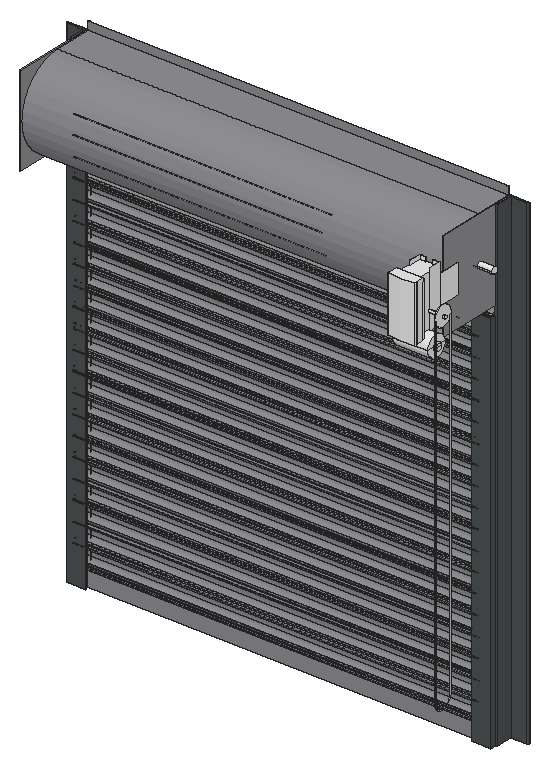
Revit family "EverGuard-Fire-Rated-Shelter-Door_OHD_Model-610FR_compact", category Specialty Equipment, host Wall, Revit 2023
Family settings
  Host = Wall
  Round Connector Dimension = Use Diameter
  Part Type = Normal
  OmniClass Number = 23.30.10.21.34
  OmniClass Title = Industrial Doors
  Enable Cutting in Views = No
  Always vertical = Yes
  Cut with Voids When Loaded = Yes
  Maintain Annotation Orientation = No
  Shared = No
  Room Calculation Point = No
Parameters (values of type "115 volts, one phase, 60 Hz (110-120V range)")
  Warning Sign [instance] = if(Calculated Area > 683.00 SF, 1 = 1, 1 = 2)  # no
  Warning (Note) [instance] = if(Warning Sign, "The Door Area is out of the limit; please adjust accordingly. The maximum allowed area is 683 sq. ft.", if(Opening Height > 360", "Headroom Clearance Dimensions - out of the limits. Consult Factory", " "))  # " "
  Wall Thickness [instance] = 6"
  Voltage = 115 V
  Version = "1.00.01"  # constant formula
  True Opening Width [instance] = Clear Width  # 120"
  True Opening Height [instance] = Clear Height  # 120"
  Slat Type [instance] = "C-600"  # constant formula
  Slat Material [instance] = Steel - Overhead Door - Gray
  Slat Length [instance] = Clear Width + G Value * 2 - 1" / 2 * 2  # 131"
  Slat Height [instance] = 17 251/256"  # constant formula
  Slat [instance] = 1  # constant formula
  Product Page URL = "https://www.overheaddoor.com/commercial/commercial-details/Rolling-Steel-Shelter-Door-Model-610FR"
  Power Factor = 1
  Powder Coat (Note) = "PowderGuard® Premium powder coat finish options are available in approximately 200 colors as well as custom matching to specification. PowderGuard® Textured finish, a thicker, more scratch resistant coat, is available in 11 colors providing enhanced scratch resistance as well as aiding in hiding the dirt and blemishes that often occur in commercial environments.​"  # constant formula
  Opening Width Real [instance] = if(Opening Width > Max Opening Width, Max Opening Width, if(Opening Width < Min Opening Width, Min Opening Width, Opening Width))  # 120"
  Opening Width [instance] = 120"
  Opening Height Real [instance] = if(Opening Height > Max Opening Height, Max Opening Height, if(Opening Height < Min Opening Height, Min Opening Height, Opening Height))  # 120"
  Opening Height [instance] = 120"
  One Array element [instance] = not(Array Vis)  # no
  Number of Poles = 1
  Motor Type [instance] = if(Motor Option < 2, "RSX Front of Hood", if(Motor Option = 2, "RSX Top of Hood", if(Motor Option = 3, "RSX Wall Mount", "RSX Bench Mount")))  # "RSX Front of Hood"
  Motor Selection (Note) [instance] = "Generic operator shown. Contact Overhead Door when dimensions are critical. "  # constant formula
  Motor Position [instance] = M Value - G Value  # 6"
  Motor Option Real [instance] = if(Motor Option < 1, 1, if(Motor Option > 4, 4, Motor Option))  # 1
  Motor Option [instance] = 1
  Min Opening Width [instance] = 60"  # constant formula
  Min Opening Height [instance] = 60"  # constant formula
  Max Opening Width [instance] = 132"  # constant formula
  Max Opening Height [instance] = 132"  # constant formula
  M Value [instance] = if(Guide Option < 2, 12", 6 1/2")  # 12"
  Lookup BD [instance] = if(True Opening Height = 60", 20", if(or(True Opening Height = 84", True Opening Height < 84"), 22", if(or(True Opening Height = 108", True Opening Height < 108"), 24", if(or(True Opening Height = 132", True Opening Height < 132"), 26", if(or(True Opening Height = 156", True Opening Height < 156"), 28", if(or(True Opening Height = 180", True Opening Height < 180"), 30", 32"))))))  # 26"
  Jambs Offset [instance] = 0"  # constant formula
  Installation Real [instance] = Wall Thickness  # 6"
  Hood Type [instance] = "Round Hood"  # constant formula
  Hood Offset [instance] = 3"  # constant formula
  Hood Material [instance] = Metal - Overhead Door - Gray
  Hood Height [instance] = Headroom Height Real - Hood Offset  # 28"
  Lookup HH [instance] = if(True Opening Height = 60", 22", if(or(True Opening Height = 84", True Opening Height < 84"), 24", if(or(True Opening Height = 108", True Opening Height < 108"), 26", if(or(True Opening Height = 132", True Opening Height < 132"), 28", if(or(True Opening Height = 156", True Opening Height < 156"), 30", if(or(True Opening Height = 180", True Opening Height < 180"), 32", 34"))))))  # 28"
  Headroom Height Real [instance] = Lookup HH + 3"  # 31"
  Headroom Height [instance] = Headroom Height Real + 2 5/8"  # 33 5/8"
  Guide Type [instance] = if(Guide Option < 2, "Angled Z Guide", "Angled E Guide")  # "Angled Z Guide"
  Guide Option [instance] = 1
  Guid Depth [instance] = D Value  # 7 3/4"
  G Value [instance] = 6"  # constant formula
  Frequency = 60 Hz
  Face of Wall Offset [instance] = 5"  # constant formula
  Face Of Wall Mounting [instance] = 1 = 1  # yes
  Door Width True [instance] = Clear Width + M Value * 2  # 144"
  Door Width (Real) [instance] = Clear Width + 1" / 2  # 120 1/2"
  Door Height True [instance] = Clear Width + Headroom Height  # 153 5/8"
  Door Height (Real) [instance] = Clear Height + Hood Offset  # 123"
  URL = "https://www.overheaddoor.com/"
  Product data url = "https://www.bimobject.com/overhead-door/product/everguard-fire-rated-shelter-door-610fr"
  Product Guid = "6be9d1df-6de7-420e-88f2-492e71c4f9a6"
  Model = "610FR"  # constant formula
  Manufacturer = "Overhead Door Corporation"  # constant formula
  Wall Closure = By host
  Floor To (CL) of Shaft [instance] = Clear Height + Hood Height / 2 + Hood Offset  # 137"
  Finish Material = Finish - Overhead Door - Black
  Description = "EverGuard Model 610FR Rolling Steel Storm Shelter Door Tested +/-300PSF (ICC-500/FEMA 361), Tornado +/- 250PSF (ICC-500/FEMA 361), Hurricane+/-200PSF (ICC-500/FEMA 361) Warnock Hersey fire rated to 4 hours UL10B NFPA 252 and CAN/ULC S104"  # constant formula
  Default Elevation = 0"
  Date Updated = "2026/05/29"  # constant formula
  D Value [instance] = 7 3/4"  # constant formula
  Clear Width [instance] = Opening Width Real  # 120"
  Clear Height [instance] = Opening Height Real  # 120"
  Current = 20 A
  Connector Array Distance = 0"  # constant formula
  BimObject_Variable_Connectors = "No"  # constant formula
  Bar [instance] = 1 = 1  # yes
  Backroom Depth [instance] = Lookup BD  # 26"
  BJ Opening Cut [instance] = 0"  # constant formula
  BJ Displacement Real [instance] = 0"  # constant formula
  Array Vis [instance] = if(Array < 2, 1 = 2, 1 = 1)  # yes
  Array Real [instance] = if(Array < 2, 2, Array)  # 7
  Array Length [instance] = (Array) * Slat Height  # 125 221/256"
  Array [instance] = rounddown(([Door Height (Real)] - 5 11/256") / Slat Height) + 1  # 7
  Calculated Area [instance] = [Door Width (Real)] * [Door Height (Real)]  # 102.927 SF
  Apparent Load Phase 3 = if(Number of Poles = 1, 0 VA, (Voltage * Current * sqrt(3)) / 3)  # 0 VA
  Apparent Load Phase 2 = if(Number of Poles = 1, 0 VA, (Voltage * Current * sqrt(3)) / 3)  # 0 VA
  Apparent Load Phase 1 = if(Number of Poles = 1, Voltage * Current, (Voltage * Current * sqrt(3)) / 3)  # 2300 VA
Reference planes (in)
  plane 1 "Center (Front/Back)": y = -14.625
  plane 2 "Center (Left/Right)": x = 0
  plane 3 "Left": x = -60
  plane 4 "Right": x = 60
  plane 5 "Exterior": y = -8.625
  plane 6 "Interior": y = -14.625
  plane 7: x = 72
  plane 8: x = -72
  plane 9: z = 120
  plane 10 "Main": y = -21.73437
  plane 11 "Backroom Depth": y = -32.125
  plane 12 "Main Door Block": y = -6.125
  plane 13 "Bottom Bar": z = 5.04124
  plane 14: y = -22.375
  plane 15: z = 130.90452
  plane 16: z = 151
  plane 17: z = 123
  plane 18: z = 153.625
  plane 19: z = 0
  plane 20: z = 60
  plane 21: y = -20.90625
  plane 22: y = 18.375
  plane 23: y = -41.625
  plane 24 "Headroom Top": z = 153.625
  plane 25: z = 137
  plane 26: x = 66
  plane 27: x = -66
  plane 28: z = 112.92405
Forms (in)
  Extrusion 1, void
    sketch origin (0, -6.125, 0) x (0, 0, -1) y (-1, 0, 0)
      loop
        line (-120, 60) -> (-120, -60) -> (0, -60) -> (0, 60) -> (-120, 60)
    from -8.5 to -2.5
  Extrusion 2, solid, material "Metal - Overhead Door - Gray" <- "Hood Material", visible <- "Bar"
    sketch origin (0, 0, 0) x (0, 1, 0) y (0, 0, 1)
      loop
        line (-14.875, 151) -> (-14.625, 151) -> (-14.625, 153.625) -> (-14.875, 153.625) -> (-14.875, 151)
    from -65.625 to 65.625
Lines and regions (in)
  symbolic lines, visible <- "Bar"
    curve 1: line (65.625, -14.625, 0) -> (-65.625, -14.625, 0)
    curve 2: line (-65.625, -14.875, 0) -> (65.625, -14.875, 0)
Text (in)
  text "Exterior" at (-74.96733, 27.31104, 0), in view "Ref. Level"
  text "Interior" at (-74.96733, -25.14366, 0), in view "Ref. Level"
  text "Exterior" at (0, 40.15149, 123.01588), in view "Right"
  text "Interior" at (0, -64.39139, 123.01588), in view "Right"
  text "Interior" at (0, -31.01599, 123.00693), in view "Left"
  text "Exterior" at (0, 54.57065, 123.00693), in view "Left"
Dimensions and locks (in)
  equal spacing: plane 3 "Left", plane 2 "Center (Left/Right)", plane 4 "Right"
  "Clear Width": plane 3 "Left" to plane 4 "Right"
  level to host wall = 459.59655"
  "Clear Height": level to plane 9
  plane 7 to plane 8 = 144"
  equal spacing: plane 7, plane 2 "Center (Left/Right)", plane 8
  locked: plane 13 "Bottom Bar" to level at 5.04124
  "Door Width True": plane 7 to plane 8
  locked: plane 14 to plane 10 "Main" at 0.64063
  "Array Length": plane 15 to plane 13 "Bottom Bar"
  "Backroom Depth": plane 11 "Backroom Depth" to plane 12 "Main Door Block"
  "Hood Height": plane 16 to plane 17
  locked: plane 18 to plane 16 at 2.625
  locked: Extrusion 2 sketch curve to Extrusion 2 sketch curve at 0.25
  "Installation Real": plane 1 "Center (Front/Back)" to plane 5 "Exterior"
  "Wall Thickness": host wall to host wall
  equal spacing: plane 9, plane 20, plane 19
  locked: plane 10 "Main" to plane 21 at 0.82812
  equal spacing: plane 22, host wall, plane 23
  locked: plane 22 to plane 23 at 60
  "BJ Opening Cut": Extrusion 1 sketch curve to plane 9
  locked: Extrusion 2 sketch curve to Extrusion 2 sketch curve at 2.625
  "Hood Offset": plane 17 to plane 9
  "Headroom Height": plane 24 "Headroom Top" to plane 9
  "Floor To (CL) of Shaft": plane 25 to level
  "Jambs Offset": plane 4 "Right" to Extrusion 1 sketch curve
  "Jambs Offset": Extrusion 1 sketch curve to plane 3 "Left"
  "Motor Position": plane 7 to plane 26
  "Motor Position": plane 27 to plane 8
  locked: plane 27 to Extrusion 2 at 0.375
  locked: Extrusion 2 to plane 26 at 0.375
  "Guid Depth": plane 14 to plane 1 "Center (Front/Back)"
  "Slat Height": plane 15 to plane 28
  equal spacing: group 1, group 3, group 4, group 5, group 6, group 7, group 2  (x3)
  aligned and locked: plane 5 "Exterior" to host wall
  aligned and locked: host wall to plane 6 "Interior"
  aligned and locked: level to Extrusion 1 sketch curve
  aligned and locked: Extrusion 1 to plane 5 "Exterior"
  aligned and locked: plane 6 "Interior" to Extrusion 1
  aligned and locked: nested 1 to plane 2 "Center (Left/Right)"
  aligned and locked: plane 16 to nested 2
  aligned and locked: nested 1 to level
  aligned and locked: Extrusion 2 sketch curve to plane 18
  aligned and locked: Extrusion 2 sketch curve to plane 6 "Interior"
  aligned and locked: curve 1 to Extrusion 2  (x2)
  aligned and locked: curve 2 to Extrusion 2  (x2)
  aligned and locked: Extrusion 2 to curve 2
  aligned and locked: nested 2 to plane 5 "Exterior"
  aligned and locked: level to plane 19
  aligned and locked: nested 1 to plane 1 "Center (Front/Back)"
  aligned and locked: plane 2 "Center (Left/Right)" to nested 3
  aligned and locked: nested 3 to plane 22
  aligned and locked: plane 23 to nested 4
  aligned and locked: nested 4 to plane 2 "Center (Left/Right)"
  aligned and locked: nested 5 to plane 20
  aligned and locked: plane 2 "Center (Left/Right)" to nested 5
  aligned and locked: nested 2 to plane 26
  aligned and locked: plane 13 "Bottom Bar" to nested 6
  aligned and locked: plane 28 to nested 8
  aligned and locked: nested 8 to plane 21
  aligned and locked: plane 21 to nested 6
  aligned and locked: plane 13 "Bottom Bar" to nested 7
  aligned and locked: plane 21 to nested 7
  aligned and locked: nested 5 to plane 21
Automatic sketch dimensions
  curve 1 to curve 2 = 0"
Nested families (in)
  nested 1: "Lifts" at (0, -14.625, 0), type "Frame Unit"
    with Round Hood yes
  nested 2: "Motor" at (63.5005, -48.245, 125), type "Trolley Motor"
    with Top + Bench no, Not Bench + Top yes, Horizontal Mount 7.62", Vertical Mount 26", Motor Option 1, Hood Mount 4 3/4", Top Option Offset 0", Face+Top yes, Face Mount RSX yes, Chain V Offset 8.4", Chain H Offset 1.1", Bench Mount RSX no, Angle 180.00°
  nested 3: "Label Annotation 1" at (0, 18.375, 0), visible <- "Warning Sign", type "Label Annotation 1"
  nested 4: "Label Annotation 1" at (0, -41.625, 0) x (-1, 0, 0) z (0, 0, 1), visible <- "Warning Sign", type "Label Annotation 1"
  nested 5: "Warning Sign" at (0, -20.90625, 60), visible <- "Warning Sign", type "Warning Sign"
    with Warning Sign no
  nested 6: "610F" at (0, -20.90625, 5.04124), Opening Width <- "Slat Length", visible <- "Array Vis", type "Standard - Gray"
    with Slat Width 1.438", Slat Position 17.979", Opening Width 131"
  nested 7: "610F" at (0, -20.90625, 5.04124), visible <- "One Array element", Opening Width <- "Slat Length", type "Standard - Gray"
    with Slat Width 1.438", Slat Position 17.979", Opening Width 131"
  nested 8: "610F" at (0, -20.90625, 112.92405), Opening Width <- "Slat Length", visible <- "Array Vis", type "Standard - Gray"
    with Slat Width 1.438", Slat Position 17.979", Opening Width 131"
  nested 9: "610F" at (0, -20.90625, 23.02171), Opening Width <- "Slat Length", visible <- "Array Vis", type "Standard - Gray"
    with Slat Width 1.438", Slat Position 17.979", Opening Width 131"
  nested 10: "610F" at (0, -20.90625, 41.00218), Opening Width <- "Slat Length", visible <- "Array Vis", type "Standard - Gray"
    with Slat Width 1.438", Slat Position 17.979", Opening Width 131"
  nested 11: "610F" at (0, -20.90625, 58.98265), Opening Width <- "Slat Length", visible <- "Array Vis", type "Standard - Gray"
    with Slat Width 1.438", Slat Position 17.979", Opening Width 131"
  nested 12: "610F" at (0, -20.90625, 76.96311), Opening Width <- "Slat Length", visible <- "Array Vis", type "Standard - Gray"
    with Slat Width 1.438", Slat Position 17.979", Opening Width 131"
  nested 13: "610F" at (0, -20.90625, 94.94358), Opening Width <- "Slat Length", visible <- "Array Vis", type "Standard - Gray"
    with Slat Width 1.438", Slat Position 17.979", Opening Width 131"
Connectors (in)
  electrical at (66.4885, -46.74464, 135.37875), driven by "Apparent Load Phase 1", driven by "Power Factor", driven by "Voltage", driven by "Apparent Load Phase 2", driven by "Apparent Load Phase 3", driven by "Number of Poles"
    settings: on nested 2, index 1, voltage 115 V, apparent load 0 VA, apparent load phase1 2300 VA, apparent load phase2 0 VA, apparent load phase3 0 VA, power factor 1, load classification "Other", number of poles 1, system type 31, power factor state 1, is connector primary yes, connector utility no, sub classification motor no, connector description "Electrical Connector"
Definition of nested family "Lifts"
  Parameters (values of type "Frame Unit")
    Void Height = if(Guide Option < 2, 0", Headroom Height Real)  # 0"
    True Width = Opening Width + 1/2"  # 120 1/2"
    Rounding 2 = Guide Thickness 2 - 0.031"  # 0.469"
    Rounding 1 = Guide Thickness 1 - 0.031"  # 0.344"
    Round Hood [instance] = 1 = 1  # yes
    Rough Width = 0"
    Rough Height = 0"
    Main Bracket Profile Height = 5" + 1 3/4"  # 6 3/4"
    M Value = 12"
    Inner Profile Height = 4"  # constant formula
    Hood Offset = 3"
    Hood Height = Headroom Height Real - Hood Offset  # 28"
    Headroom Height Real = Headroom Height  # 31"
    Half Hood Height = Headroom Height - Hood Offset  # 28"
    Guide Thickness 2 = 1/2"  # constant formula
    Guide Thickness 1 = 3/8"  # constant formula
    G Value = 6"
    E Guide Width = if(Guide Option < 2, 6", 6")  # 6"
    E Guide Height = 6"  # constant formula
    Z Guide = if(Guide Option < 2, 1 = 1, 1 = 2)  # yes
    Slat Material = none
    Shaft Offset = (Header Width - (Header Width - Hood Height)) / 2  # 14"
    Shaft Material = none
    Shaft Length 2 = G Value + 4 3/4"  # 10 3/4"
    Shaft Length 1 = G Value + 4 3/4"  # 10 3/4"
    Setback = 1/4"  # constant formula
    Radius Hood = Shaft Offset  # 14"
    Opening Width = 120"
    Hood Material = none
    Headroom Height = 31"
    Header Width = 26"
    Opening Height = 120"
    Guide Type = if(Guide Option = 1, "Angled Z Guide", "Angled E Guide")  # "Angled Z Guide"
    Guide Option = 1
    Guide Offset = BJ Displacement + G Value  # 6"
    Guide Z Wide = if(Guide Option < 2, M Value - G Value, 6")  # 6"
    Guide Z Height = 6"  # constant formula
    Floor To (CL) of Shaft = 137"
    Finish Material = none
    Face to Wall Mount = not(Between Jambs)  # yes
    E Guide = not(Z Guide)  # no
    Default Elevation = 0"
    D Value = 7 3/4"
    Between Jambs = 1 = 2  # no
    BJ Position = 0"  # constant formula
    BJ Displacement = if(Guide Option < 2, 0", Guide Thickness 2)  # 0"
    BJ Connection Length = 1 / 3 * BJ Displacement  # 0"
    Angled Guide = 1 = 1  # yes
  Reference planes (in)
    plane 1 "Center (Front/Back)": y = 0
    plane 2: z = 0
    plane 3 "Center (Left/Right)": x = 0
    plane 4 "Opening Height": z = 120
    plane 5: x = -70.75
    plane 6: x = 70.75
    plane 7: z = 151
    plane 8: y = 26
    plane 9 "Real Opening 2": x = -60
    plane 10 "Real Opening 1": x = 60
    plane 11: z = 123
    plane 12 "Main": y = 0
    plane 13: z = 137
    plane 14: y = 12
    plane 15: x = 66
    plane 16: x = -66
    plane 17: x = -66
    plane 18: x = 66
    plane 19: y = 7.75
    plane 20: x = -65.625
    plane 21: x = 65.625
    plane 22: z = 153.625
    plane 23: y = 7.75
    plane 24: y = 5.75
    plane 25: y = 7.75
    plane 26: y = 5.75
  Forms (in)
    Extrusion 1, solid, material <- "Slat Material"
      sketch origin (0, 0, 0) x (0, 1, 0) y (0, 0, 1)
        loop
          line (6.25, 4.72874) -> (6.25, 5.35374) -> (5.25, 5.35374) -> (5.25, 4.72874) -> (6.25, 4.72874)
      from -65.625 to 65.625
    Extrusion 2, solid, material <- "Slat Material"
      sketch origin (0, 0, 0) x (0, 1, 0) y (0, 0, 1)
        loop
          line (6.25, 4.72874) -> (5.25, 4.72874) -> (5.25, 0) -> (6.25, 0) -> (6.25, 4.72874)
      from -65.625 to 65.625
    Extrusion 3, solid, material <- "Shaft Material"
      sketch origin (0, -5.35201, 0) x (0, 1, 0) y (0, 0, 1)
        loop
          circle (17.35201, 137) r 1
      from -70.75 to 70.75
    Extrusion 4, solid, material <- "Hood Material", visible <- "Round Hood"
      sketch origin (0, 0, 0) x (0, 1, 0) y (0, 0, 1)
        loop
          line (0, 151) -> (0, 123) -> (12, 123)
          arc (12, 123) -> (26, 137) -> (12, 151) r 14
          line (12, 151) -> (0, 151)
      from -65.625 to 65.625
    Extrusion 5, solid, material <- "Finish Material", visible <- "E Guide"
      sketch origin (0, 0, 0) x (1, 0, 0) y (0, 1, 0)
        loop
          line (60, 0) -> (66, 0) -> (66, 6) -> (65.969, 6)
          arc (65.969, 6) -> (65.63737, 5.86263) -> (65.5, 5.531) r 0.469
          line (65.5, 5.531) -> (65.5, 0.5) -> (60.469, 0.5)
          arc (60.469, 0.5) -> (60.13737, 0.36263) -> (60, 0.031) r 0.469
          line (60, 0.031) -> (60, 0)
        loop
          line (-60, 0) -> (-60, 0.031)
          arc (-60, 0.031) -> (-60.13737, 0.36263) -> (-60.469, 0.5) r 0.469
          line (-60.469, 0.5) -> (-65.5, 0.5) -> (-65.5, 5.531)
          arc (-65.5, 5.531) -> (-65.63737, 5.86263) -> (-65.969, 6) r 0.469
          line (-65.969, 6) -> (-66, 6) -> (-66, 0) -> (-60, 0)
      from 0 to 151
    Extrusion 6, solid, material <- "Finish Material", visible <- "Z Guide"
      sketch origin (0, 0, 0) x (1, 0, 0) y (0, 1, 0)
        loop
          line (72, 0) -> (72, 0.031)
          arc (72, 0.031) -> (71.86263, 0.36263) -> (71.531, 0.5) r 0.469
          line (71.531, 0.5) -> (66.5, 0.5) -> (66.5, 5.531)
          arc (66.5, 5.531) -> (66.36263, 5.86263) -> (66.031, 6) r 0.469
          line (66.031, 6) -> (66, 6) -> (66, 0) -> (72, 0)
        loop
          line (-72, 0) -> (-66, 0) -> (-66, 6) -> (-66.031, 6)
          arc (-66.031, 6) -> (-66.36263, 5.86263) -> (-66.5, 5.531) r 0.469
          line (-66.5, 5.531) -> (-66.5, 0.5) -> (-71.531, 0.5)
          arc (-71.531, 0.5) -> (-71.86263, 0.36263) -> (-72, 0.031) r 0.469
          line (-72, 0.031) -> (-72, 0)
      from 0 to 151
    Extrusion 7, solid, material <- "Finish Material", visible <- "Angled Guide"
      sketch origin (0, 0, 0) x (1, 0, 0) y (0, 1, 0)
        loop
          line (60.25, 7.75) -> (60.25, 7.719)
          arc (60.25, 7.719) -> (60.35076, 7.47576) -> (60.594, 7.375) r 0.344
          line (60.594, 7.375) -> (60.75, 7.375) -> (60.75, 6.625) -> (62.25, 6.625) -> (62.25, 7.375) -> (65.625, 7.375) -> (65.625, 4.125) -> (62.75, 4.125) -> (62.75, 4.875) -> (60.75, 4.875) -> (60.75, 4.094)
          arc (60.75, 4.094) -> (60.85076, 3.85076) -> (61.094, 3.75) r 0.344
          line (61.094, 3.75) -> (65.25, 3.75) -> (65.25, 1) -> (66, 1) -> (66, 7.75) -> (60.25, 7.75)
        loop
          line (-60.25, 7.75) -> (-66, 7.75) -> (-66, 1) -> (-65.25, 1) -> (-65.25, 3.75) -> (-61.094, 3.75)
          arc (-61.094, 3.75) -> (-60.85076, 3.85076) -> (-60.75, 4.094) r 0.344
          line (-60.75, 4.094) -> (-60.75, 4.875) -> (-62.75, 4.875) -> (-62.75, 4.125) -> (-65.625, 4.125) -> (-65.625, 7.375) -> (-62.25, 7.375) -> (-62.25, 6.625) -> (-60.75, 6.625) -> (-60.75, 7.375) -> (-60.594, 7.375)
          arc (-60.594, 7.375) -> (-60.35076, 7.47576) -> (-60.25, 7.719) r 0.344
          line (-60.25, 7.719) -> (-60.25, 7.75)
      from 0 to 120
    Extrusion 8, solid, material <- "Hood Material"
      sketch origin (0, 0, 0) x (-1, 0, 0) y (0, 0, 1)
        loop
          line (65.625, 123) -> (66, 123) -> (66, 151) -> (65.625, 151) -> (65.625, 123)
        loop
          line (-66, 123) -> (-65.625, 123) -> (-65.625, 151) -> (-66, 151) -> (-66, 123)
      from 0 to 26
    Extrusion 9, void
      sketch origin (0, -63.05955, 151) x (1, 0, 0) y (0, -1, 0)
        loop
          line (-66, -63.05955) -> (-66, -63.55955) -> (-60.469, -63.55955)
          arc (-60.469, -63.55955) -> (-60.13737, -63.42218) -> (-60, -63.09055) r 0.469
          line (-60, -63.09055) -> (-60, -63.05955) -> (-66, -63.05955)
        loop
          line (66, -63.05955) -> (60, -63.05955) -> (60, -63.09055)
          arc (60, -63.09055) -> (60.13737, -63.42218) -> (60.469, -63.55955) r 0.469
          line (60.469, -63.55955) -> (66, -63.55955) -> (66, -63.05955)
      from 0 <- "Void Height" to -2.625
  Cuts and joins
    Extrusion 9 cuts Extrusion 4
    Extrusion 9 cuts Extrusion 8
  Lines and regions (in)
    Masking region 1
      outline origin (0, 0, 0) x (1, 0, 0) y (0, 1, 0)
        loop
          line (70.75, 13) -> (66, 13) -> (66, 11) -> (70.75, 11) -> (70.75, 13)
        loop
          line (-70.75, 11) -> (-66, 11) -> (-66, 13) -> (-70.75, 13) -> (-70.75, 11)
    Masking region 2
      outline origin (0, 0, 0) x (1, 0, 0) y (0, 1, 0)
        loop
          line (-66, 26) -> (-66, 0) -> (66, 0) -> (66, 26) -> (-66, 26)
    Masking region 3, visible <- "Z Guide"
      outline origin (0, 0, 0) x (1, 0, 0) y (0, 1, 0)
        loop
          line (71.531, 0.5) -> (66.5, 0.5) -> (66.5, 5.531)
          arc (66.5, 5.531) -> (66.36263, 5.86263) -> (66.031, 6) r 0.469
          line (66.031, 6) -> (66, 6) -> (66, 0) -> (72, 0) -> (72, 0.031)
          arc (72, 0.031) -> (71.86263, 0.36263) -> (71.531, 0.5) r 0.469
        loop
          line (-66.5, 0.5) -> (-71.531, 0.5)
          arc (-71.531, 0.5) -> (-71.86263, 0.36263) -> (-72, 0.031) r 0.469
          line (-72, 0.031) -> (-72, 0) -> (-66, 0) -> (-66, 6) -> (-66.031, 6)
          arc (-66.031, 6) -> (-66.36263, 5.86263) -> (-66.5, 5.531) r 0.469
          line (-66.5, 5.531) -> (-66.5, 0.5)
    Masking region 4, visible <- "E Guide"
      outline origin (0, 0, 0) x (1, 0, 0) y (0, 1, 0)
        loop
          line (-66, 6) -> (-66, 0) -> (-60, 0) -> (-60, 0.031)
          arc (-60, 0.031) -> (-60.13737, 0.36263) -> (-60.469, 0.5) r 0.469
          line (-60.469, 0.5) -> (-65.5, 0.5) -> (-65.5, 5.531)
          arc (-65.5, 5.531) -> (-65.63737, 5.86263) -> (-65.969, 6) r 0.469
          line (-65.969, 6) -> (-66, 6)
        loop
          line (66, 0) -> (66, 6) -> (65.969, 6)
          arc (65.969, 6) -> (65.63737, 5.86263) -> (65.5, 5.531) r 0.469
          line (65.5, 5.531) -> (65.5, 0.5) -> (60.469, 0.5)
          arc (60.469, 0.5) -> (60.13737, 0.36263) -> (60, 0.031) r 0.469
          line (60, 0.031) -> (60, 0) -> (66, 0)
    symbolic lines
      curve 1: line (-65.625, 0, 0) -> (-65.625, 26, 0)
      curve 2: line (65.625, 26, 0) -> (65.625, 0, 0)
  Dimensions and locks (in)
    locked: Extrusion 1 sketch curve to level at 4.72874
    locked: Extrusion 1 sketch curve to Extrusion 1 sketch curve at 1
    Extrusion 2 sketch curve to level = 4.72874"
    "Headroom Height Real": plane 7 to plane 4 "Opening Height"
    plane 8 to plane 1 "Center (Front/Back)" = 26"
    "Radius Hood": Extrusion 4 sketch curve to plane 8
    "Opening Height": plane 4 "Opening Height" to level
    "Hood Offset": plane 11 to plane 4 "Opening Height"
    "BJ Position": plane 12 "Main" to plane 1 "Center (Front/Back)"
    "Header Width": plane 12 "Main" to plane 8
    "Floor To (CL) of Shaft": plane 13 to level
    "Shaft Offset": Extrusion 3 sketch curve to plane 8
    locked: Extrusion 2 sketch curve to Extrusion 2 sketch curve at 1
    "Shaft Offset": plane 8 to plane 14
    locked: Masking region 1 sketch curve to Masking region 1 sketch curve at 2
    locked: Masking region 1 sketch curve to plane 14 at 1
    "Guide Offset": plane 10 "Real Opening 1" to plane 15
    "Guide Offset": plane 16 to plane 9 "Real Opening 2"
    "Guide Thickness 2": Extrusion 5 sketch curve to Extrusion 5 sketch curve  (x4)
    "E Guide Height": Extrusion 5 sketch curve to Extrusion 5 sketch curve  (x2)
    "E Guide Width": Extrusion 5 sketch curve to Extrusion 5 sketch curve  (x2)
    "Guide Thickness 2": Extrusion 6 sketch curve to Extrusion 6 sketch curve  (x4)
    "Guide Z Wide": Extrusion 6 sketch curve to Extrusion 6 sketch curve  (x2)
    "Guide Z Height": Extrusion 6 sketch curve to Extrusion 6 sketch curve  (x2)
    "Guide Thickness 1": Extrusion 7 sketch curve to Extrusion 7 sketch curve  (x8)
    "Inner Profile Height": Extrusion 7 sketch curve to Extrusion 7 sketch curve  (x2)
    "Main Bracket Profile Height": Extrusion 7 sketch curve to Extrusion 7 sketch curve  (x2)
    "Setback": plane 10 "Real Opening 1" to Extrusion 7 sketch curve
    "Setback": Extrusion 7 sketch curve to plane 9 "Real Opening 2"
    equal spacing: plane 16, plane 3 "Center (Left/Right)", plane 15
    "G Value": Extrusion 6 sketch curve to plane 9 "Real Opening 2"
    "G Value": plane 10 "Real Opening 1" to Extrusion 6 sketch curve
    "G Value": plane 10 "Real Opening 1" to plane 18
    "G Value": plane 17 to plane 9 "Real Opening 2"
    "Shaft Length 1": plane 5 to plane 9 "Real Opening 2"
    "Shaft Length 2": plane 6 to plane 10 "Real Opening 1"
    Extrusion 2 to plane 18 = 3/8"
    Extrusion 2 to plane 17 = 3/8"
    plane 17 to plane 20 = 3/8"
    locked: plane 21 to plane 18 at 0.375
    equal spacing: plane 9 "Real Opening 2", plane 3 "Center (Left/Right)", plane 10 "Real Opening 1"
    "Opening Width": plane 9 "Real Opening 2" to plane 10 "Real Opening 1"
    locked: plane 22 to plane 7 at 2.625
    "D Value": plane 1 "Center (Front/Back)" to plane 19
    "D Value": plane 23 to plane 1 "Center (Front/Back)"
    plane 23 to plane 24 = 2"
    equal spacing: Extrusion 1 sketch curve, plane 24, Extrusion 1 sketch curve
    "D Value": plane 25 to plane 1 "Center (Front/Back)"
    locked: plane 25 to plane 26 at 2
    equal spacing: Extrusion 2 sketch curve, plane 26, Extrusion 2 sketch curve
    "G Value": plane 10 "Real Opening 1" to Extrusion 7 sketch curve
    "G Value": Extrusion 7 sketch curve to plane 9 "Real Opening 2"
    "Guide Thickness 2": Extrusion 7 sketch curve to Extrusion 7 sketch curve  (x4)
    locked: Extrusion 7 sketch curve to Extrusion 7 sketch curve at 1.5  (x2)
    locked: Extrusion 7 sketch curve to Extrusion 7 sketch curve at 0.75  (x2)
    locked: Extrusion 1 sketch curve to Extrusion 1 sketch curve at 0.625
    "E Guide Width": Extrusion 9 sketch curve to Extrusion 9 sketch curve  (x2)
    "Guide Thickness 2": Extrusion 9 sketch curve to Extrusion 9 sketch curve  (x2)
    "Rounding 2": radius of Extrusion 5 sketch curve  (x4)
    "Rounding 2": radius of Extrusion 6 sketch curve  (x4)
    "Rounding 1": radius of Extrusion 7 sketch curve  (x4)
    "Rounding 2": radius of Extrusion 9 sketch curve  (x2)
    aligned and locked: plane 2 to level
    aligned and locked: plane 5 to Extrusion 3
    aligned and locked: Extrusion 3 to plane 6
    aligned and locked: Extrusion 4 sketch curve to plane 7
    aligned and locked: plane 13 to Extrusion 3 sketch curve
    aligned and locked: plane 5 to Masking region 1 sketch curve
    aligned and locked: plane 6 to Masking region 1 sketch curve
    aligned and locked: Masking region 1 sketch curve to Masking region 1 sketch curve  (x2)
    aligned and locked: plane 12 "Main" to Extrusion 5 sketch curve  (x2)
    aligned and locked: Extrusion 5 sketch curve to plane 15
    aligned and locked: plane 16 to Extrusion 5 sketch curve
    aligned and locked: Extrusion 6 sketch curve to plane 1 "Center (Front/Back)"  (x2)
    aligned and locked: plane 19 to Extrusion 7 sketch curve
    aligned and locked: Extrusion 7 sketch curve to plane 19
    aligned and locked: plane 4 "Opening Height" to Extrusion 7
    aligned and locked: Extrusion 4 sketch curve to plane 12 "Main"
    aligned and locked: Extrusion 8 sketch curve to plane 11
    aligned and locked: Extrusion 8 sketch curve to plane 7
    aligned and locked: plane 17 to Extrusion 8 sketch curve
    aligned and locked: Extrusion 8 sketch curve to plane 18
    aligned and locked: plane 7 to Extrusion 8 sketch curve
    aligned and locked: plane 11 to Extrusion 8 sketch curve
    aligned and locked: Masking region 2 to curve 2  (x2)
    aligned and locked: Masking region 2 to curve 1  (x2)
    aligned and locked: Masking region 3 sketch curve to Extrusion 6  (x10)
    aligned and locked: Extrusion 6 to Masking region 3 sketch curve
    aligned and locked: Masking region 4 sketch curve to Extrusion 5  (x10)
    aligned and locked: Extrusion 8 to curve 1
    aligned and locked: Extrusion 8 to curve 2
    aligned and locked: Masking region 2 to plane 17
    aligned and locked: Masking region 2 to plane 18
    aligned and locked: plane 18 to Masking region 1 sketch curve
    aligned and locked: Masking region 1 sketch curve to plane 17
    aligned and locked: plane 20 to Extrusion 8 sketch curve
    aligned and locked: plane 21 to Extrusion 8 sketch curve
    aligned and locked: Extrusion 4 to plane 20
    aligned and locked: Extrusion 4 to plane 21
    aligned and locked: plane 8 to Extrusion 8
    aligned and locked: Extrusion 6 to plane 7
    aligned and locked: Extrusion 5 to plane 7
    aligned and locked: Extrusion 4 sketch curve to plane 11
    aligned and locked: Extrusion 7 sketch curve to Extrusion 7 sketch curve  (x6)
    aligned and locked: plane 16 to Extrusion 9 sketch curve
    aligned and locked: Extrusion 9 sketch curve to plane 12 "Main"  (x2)
    aligned and locked: Extrusion 9 sketch curve to plane 15
    aligned and locked: Extrusion 9 to plane 22
    aligned and locked: plane 20 to Extrusion 1
    aligned and locked: plane 20 to Extrusion 2
    aligned and locked: Extrusion 2 to plane 21
    aligned and locked: Extrusion 1 to plane 21
  Automatic sketch dimensions
    Masking region 2 sketch curve to plane 1 "Center (Front/Back)" = 0"
    Masking region 2 sketch curve to plane 17 = 0"
    Masking region 2 sketch curve to plane 18 = 0"
    Masking region 2 sketch curve to plane 8 = 0"
    Extrusion 2 sketch curve to level = 0"
    radius of Extrusion 3 sketch curve = 1"
Definition of nested family "Motor"
  Parameters (values of type "Trolley Motor")
    Wall Mount RSX = if(Chain Hoist, 1 = 2, if(Motor Option = 3, 1 = 1, 1 = 2))  # no
    Top Mount RSX = if(Chain Hoist, 1 = 2, if(Motor Option = 2, 1 = 1, 1 = 2))  # no
    Top + Bench = if(Chain Hoist, 1 = 2, if(or(Top Mount RSX, Bench Mount RSX), 1 = 1, 1 = 2))  # yes
    Shaft Material = none
    Real Exterior Wall Offset = if(Wall Mount RSX, Displacement, Exterior Wall Offset + if(and(BJ, Bench Mount RSX, Hood Width < 19 1/2"), 2.6", 0"))  # 6"
    Not Fire King = if(Chain Hoist, 1 = 2, not(Chain Hoist))  # yes
    Not Chain Hoist = not(Chain Hoist)  # yes
    Not Bench + Top = not(or(Top Mount RSX, Chain Hoist, Bench Mount RSX))  # no
    Horizontal Mount = if(Face Mount RSX, 7.62", if(Top Mount RSX, 11.69", if(Wall Mount RSX, 5.24", if(Bench Mount RSX, 9.39", 0"))))  # 9.39"
    Vertical Mount = if(Face Mount RSX, 12" + Hood Height / 2, if(Top Mount RSX, Top Option Offset - 7.62", if(Wall Mount RSX, 20.03" + 6" + Hood Height / 2, if(Bench Mount RSX, Top Option Offset - 0.24" + Hood Height - Hood Height / 2 + 4", Hood Height))))  # 37.76"
    Motor Type = if(Motor Option < 2, "RSX FDO Face Mount", if(Motor Option = 2, "RSX FDO Top Mount", if(Motor Option = 3, "RSX Wall Mount", if(Motor Option = 4, "RSX Bench Mount", "Chain Hoist"))))  # "RSX Bench Mount"
    Motor Option = 4
    Main Material = none
    Hood Width Real = if(Wall Mount RSX, 0", if(Chain Hoist, if(Hood Height < Hood Width, (Hood Width + (Hood Width - Hood Height)) / 2, Hood Width / 2), Hood Width))  # 26"
    Hood Width = 26"
    Hood Height = 28"
    Hood Mount = if(or(Face Mount RSX, Top Mount RSX), 4 3/4", if(Wall Mount RSX, 19 1/4" - 1 1/4", if(Bench Mount RSX, 14.49" + 2.88", 4.26")))  # 17.37"
    Floor To Cl Shaft = 137"
    Top Option Offset = if(or(Top Mount RSX, Bench Mount RSX), 20", 0")  # 20"
    Fire King RHX = 1 = 2  # no
    Face+Top = if(Chain Hoist, 1 = 2, if(or(Face Mount RSX, Top Mount RSX), 1 = 1, 1 = 2))  # no
    Face Mount RSX = if(Chain Hoist, 1 = 2, if(Motor Option < 2, 1 = 1, 1 = 2))  # no
    Face + Top + Bench = if(Chain Hoist, 1 = 2, if(or(Face Mount RSX, Top Mount RSX, Bench Mount RSX), 1 = 1, 1 = 2))  # yes
    Exterior Wall Offset = 6"
    Displacement = 6"
    Default Elevation = 48"
    Chain V Offset = if(or(Face Mount RSX, Wall Mount RSX), 8.4", if(or(Top Mount RSX, Bench Mount RSX), 18.9", Hood Height / 2))  # 18.9"
    Chain H Offset = if(or(Face Mount RSX, Wall Mount RSX), 1.1", if(or(Top Mount RSX, Bench Mount RSX), 8.4", 0"))  # 8.4"
    Chain Hoist = no
    Bench Mount RSX = if(Chain Hoist, 1 = 2, if(Motor Option > 3, 1 = 1, 1 = 2))  # yes
    BJ Displacement = 0"
    BJ = no
    Angle = if(or(Bench Mount RSX, Top Mount RSX), 90.00°, 180.00°)  # 90.00°
  Reference planes (in)
    plane 1 "Center (Front/Back)": y = 0
    plane 2: z = 0
    plane 3 "Center (Left/Right)": x = 0
    plane 4: y = 0
    plane 5: y = 8.4
    plane 6: z = -138.1
    plane 7: z = -108.1
    plane 8: z = -1.1
    plane 9 "Chain Hoist": z = -1.1
    plane 10 "Top Of Hood": z = 17.76
    plane 11: y = 9.39
    plane 12: z = -20
    plane 13 "Hood Face": x = -10.1205
    plane 14: x = 7.2495
    plane 15: y = 35.39
    plane 16 "Wall": y = 41.39
  Forms (in)
    Extrusion 1, solid, material <- "Main Material", visible <- "Not Chain Hoist"
      sketch origin (0, 18.8898, 0) x (1, 0, 0) y (0, 0, -1)
        loop
          line (-4.134, -2.35889) -> (4.116, -2.35889) -> (4.116, -2.23929) -> (3.108, -2.23929)
          arc (3.108, -2.23929) -> (3.02315, -2.20414) -> (2.988, -2.11929) r 0.12
          line (2.988, -2.11929) -> (2.988, 5.12) -> (-2.988, 5.12) -> (-2.988, -2.11929)
          arc (-2.988, -2.11929) -> (-3.02315, -2.20414) -> (-3.108, -2.23929) r 0.12
          line (-3.108, -2.23929) -> (-4.134, -2.23929) -> (-4.134, -2.35889)
      from -17.0123 to -0.0098
    Extrusion 2, solid, material <- "Main Material", visible <- "Not Chain Hoist"
      sketch origin (0, 18.8898, 0) x (1, 0, 0) y (0, 0, -1)
        loop
          line (-4.134, -2.35889) -> (-4.134, -5.00147) -> (-4.34375, -5.00147) -> (-4.34375, -5.25869)
          arc (-4.34375, -5.25869) -> (-4.25578, -5.49797) -> (-4.03378, -5.62329) r 0.36942
          arc (-4.03378, -5.62329) -> (0, -5.95) -> (4.03378, -5.62329) r 25.06549
          arc (4.03378, -5.62329) -> (4.25578, -5.49797) -> (4.34375, -5.25869) r 0.36942
          line (4.34375, -5.25869) -> (4.34375, -5.00147) -> (4.116, -5.00147) -> (4.116, -2.35889) -> (-4.134, -2.35889)
      from -17.0123 to 0.3402
    Revolve 3, solid, material <- "Main Material", visible <- "Not Fire King"
      sketch origin (2.0828, 5.66524, 0) x (0, -1, 0) y (1, 0, 0)
        loop
          line (5.66524, -9.4578) -> (5.66524, 5.0422) -> (4.79024, 5.0422) -> (4.79024, 4.63595) -> (4.35274, 4.63595) -> (4.35274, 4.26095) -> (2.41524, 4.26095) -> (2.41524, -6.61405) -> (3.79024, -6.61405) -> (3.79024, -7.8953) -> (5.35274, -7.8953) -> (5.35274, -8.05155) -> (4.66524, -8.05155) -> (4.66524, -9.4578) -> (5.66524, -9.4578)
        axis (5.66524, -9.4578) -> (5.66524, 5.0422)
      angle from 0 to 360
    Extrusion 4, solid, material <- "Main Material", visible <- "Wall Mount RSX"
      sketch origin (0, 18.8898, 0) x (1, 0, 0) y (0, 0, -1)
        loop
          line (-2.988, 5.24) -> (-4.738, 5.24) -> (-4.738, 5.12) -> (-3.108, 5.12) -> (-3.108, 1.5) -> (-2.988, 1.5) -> (-2.988, 5.24)
        loop
          line (2.988, 5.24) -> (2.988, 1.5) -> (3.108, 1.5) -> (3.108, 5.12) -> (4.738, 5.12) -> (4.738, 5.24) -> (2.988, 5.24)
      from -16.3898 to 1.1102
    Extrusion 5, solid, material <- "Main Material"
      sketch origin (0, 0.00141, 3.59957) x (0, 0, 1) y (0, -1, 0)
        loop
          circle (-4.69957, -8.39859) r 3
      from 7.52 to 7.2495
    Sweep 6, solid, material <- "Main Material"
      path origin (7.38475, 9.53, 48) x (0, 1, 0) y (0, 0, 1)
        loop
          line (-4.13, -49.1) -> (-4.13, -156.1)
          arc (-4.13, -156.1) -> (-1.13, -159.1) -> (1.87, -156.1) r 3
          line (1.87, -156.1) -> (1.87, -49.1)
      profile origin (7.38475, 5.4, -54.6) x (1, 0, 0) y (0, 1, 0)
        loop
          circle (0, 0.1) r 0.1
    Extrusion 7, solid, material <- "Main Material"
      sketch origin (0, 0.00141, 3.59957) x (0, 0, 1) y (0, -1, 0)
        loop
          circle (-4.69957, -8.39859) r 0.4
      from 8.50375 to -8.34375
    Extrusion 8, solid, material <- "Main Material", visible <- "Face+Top"
      sketch origin (0, 18.8898, 0) x (1, 0, 0) y (0, 0, -1)
        loop
          line (2.87375, 5.24) -> (2.87375, 12.62) -> (2.75375, 12.62) -> (2.75375, 5.36) -> (-2.988, 5.36) -> (-2.988, 5.24) -> (2.87375, 5.24)
      from -11.3898 to -2.3898
    Extrusion 9, solid, material <- "Main Material", visible <- "Face + Top + Bench"
      sketch origin (0.25, 18.8898, 0) x (1, 0, 0) y (0, 0, -1)
        loop
          line (-3.358, 5.24) -> (-3.358, 1.5) -> (-3.238, 1.5) -> (-3.238, 5.12) -> (-1.238, 5.12) -> (-1.238, 5.24) -> (-3.358, 5.24)
        loop
          line (2.858, 5.24) -> (0.738, 5.24) -> (0.738, 5.12) -> (2.738, 5.12) -> (2.738, 1.5) -> (2.858, 1.5) -> (2.858, 5.24)
      from -16.3898 to 1.1102
    Extrusion 10, solid, material <- "Main Material", visible <- "Face+Top"
      sketch origin (0, 0, 0) x (0, 1, 0) y (0, 0, 1)
        loop
          line (16.5, -7.62) -> (7.5, -7.62) -> (7.5, -12.62) -> (16.5, -12.62) -> (16.5, -7.62)
      from 2.50375 to 2.75375
    Extrusion 11, solid, material <- "Main Material", visible <- "Bench Mount RSX"
      sketch origin (0, 18.8898, 0) x (1, 0, 0) y (0, 0, -1)
        loop
          line (-9.879, 5.24) -> (3.108, 5.24) -> (3.108, 5.36) -> (-10.001, 5.36) -> (-10.001, 0.24) -> (-9.879, 0.24) -> (-9.879, 5.24)
      from -9.792 to -0.20924
    Extrusion 12, solid, material <- "Main Material", visible <- "Bench Mount RSX"
      sketch origin (0, 0, 0) x (0, 1, 0) y (0, 0, 1)
        loop
          line (9.3898, -0.24) -> (9.3898, -5.24) -> (18.3898, -5.24) -> (18.3898, -0.24) -> (9.3898, -0.24)
      from -10.1205 to -10.001
    Extrusion 13, solid, material <- "Main Material"
      sketch origin (-13.3325, 0.00141, 3.59957) x (0, 0, 1) y (0, -1, 0)
        loop
          circle (-4.69957, -8.39859) r 3.625
      from 7.38875 to 6.57875
  Lines and regions (in)
    reference lines
      curve 1: line (0, 0, 0) -> (0, 18.8898, 0)
  Dimensions and locks (in)
    locked: Extrusion 4 sketch curve to Extrusion 4 sketch curve at 3.74
    locked: Extrusion 4 sketch curve to Extrusion 4 sketch curve at 0.12  (x3)
    "Chain H Offset": plane 4 to plane 5
    locked: plane 7 to plane 6 at 30
    locked: Sweep 6 sketch curve to profile plane at 0
    locked: profile plane to Sweep 6 sketch curve at 0.1
    locked: Sweep 6 sketch curve to Sweep 6 sketch curve at 6
    "Floor To Cl Shaft": plane 8 to plane 6
    "Horizontal Mount": plane 1 "Center (Front/Back)" to plane 11
    locked: Extrusion 9 sketch curve to Extrusion 9 sketch curve at 3.74
    locked: Extrusion 9 sketch curve to Extrusion 9 sketch curve at 0.12  (x3)
    "Top Option Offset": level to plane 12
    "Chain V Offset": plane 9 "Chain Hoist" to plane 12
    equal spacing: Sweep 6 sketch curve, plane 5, Sweep 6 sketch curve
    "Vertical Mount": plane 10 "Top Of Hood" to plane 12
    locked: Extrusion 2 sketch curve to Extrusion 2 sketch curve at 8.25
    locked: Extrusion 2 sketch curve to Extrusion 2 sketch curve at 2.64258
    locked: plane 3 "Center (Left/Right)" to plane 14 at 7.2495
    "Hood Mount": plane 13 "Hood Face" to plane 14
    locked: Extrusion 8 sketch curve to Extrusion 8 sketch curve at 0.12  (x2)
    locked: Extrusion 8 sketch curve to curve 1 at 5.24
    "Hood Width Real": plane 11 to plane 15
    "Real Exterior Wall Offset": plane 15 to plane 16 "Wall"
    locked: Extrusion 8 sketch curve to Extrusion 8 sketch curve at 7.26
    locked: Extrusion 1 sketch curve to Extrusion 1 sketch curve at 0.1196
    locked: Extrusion 1 sketch curve to Extrusion 1 sketch curve at 5.976
    equal spacing: Extrusion 1 sketch curve, curve 1, Extrusion 1 sketch curve
    locked: curve 1 to Extrusion 1 sketch curve at 2.35889
    locked: Extrusion 1 sketch curve to Extrusion 1 sketch curve at 7.47889
    locked: Extrusion 9 sketch curve to curve 1 at 1.5
    equal spacing: Extrusion 4 sketch curve, curve 1, Extrusion 4 sketch curve
    locked: Extrusion 4 sketch curve to curve 1 at 1.5
    locked: Extrusion 10 sketch curve to Extrusion 10 sketch curve at 5
    locked: Extrusion 10 sketch curve to Extrusion 10 sketch curve at 9
    locked: Extrusion 10 sketch curve to curve 1 at 12.62
    locked: Extrusion 10 sketch curve to curve 1 at 7.5
    locked: Extrusion 4 sketch curve to Extrusion 4 sketch curve at 5.976
    locked: Extrusion 9 sketch curve to plane 3 "Center (Left/Right)" at 2.988
    locked: plane 3 "Center (Left/Right)" to Extrusion 9 sketch curve at 3.108
    locked: Extrusion 4 sketch curve to Extrusion 4 sketch curve at 1.75  (x2)
    locked: Extrusion 8 sketch curve to Extrusion 8 sketch curve at 5.86175
    locked: curve 1 to Extrusion 8 sketch curve at 2.87375
    locked: Extrusion 1 sketch curve to Extrusion 1 sketch curve at 1.128
    locked: Extrusion 1 sketch curve to Extrusion 1 sketch curve at 1.146
    locked: curve 1 to Extrusion 2 sketch curve at 2.35889
    locked: Extrusion 11 sketch curve to Extrusion 11 sketch curve at 0.122
    locked: Extrusion 11 sketch curve to Extrusion 11 sketch curve at 0.12
    locked: Extrusion 11 sketch curve to curve 1 at 9.879
    Extrusion 11 sketch curve to curve 1 = 5.24"
    locked: Extrusion 11 sketch curve to Extrusion 11 sketch curve at 12.987
    locked: Extrusion 11 sketch curve to Extrusion 11 sketch curve at 5.12
    locked: Extrusion 12 sketch curve to Extrusion 12 sketch curve at 5
    locked: curve 1 to Extrusion 12 sketch curve at 0.24
    locked: Extrusion 12 sketch curve to Extrusion 12 sketch curve at 9
    Extrusion 12 sketch curve to curve 1 = 9 1/2"
    locked: Revolve 3 sketch curve to Revolve 3 sketch curve at 1.40625
    locked: Revolve 3 sketch curve to Revolve 3 sketch curve at 0.15625
    locked: Revolve 3 sketch curve to Revolve 3 sketch curve at 1.28125
    locked: Revolve 3 sketch curve to Revolve 3 sketch curve at 1
    locked: Revolve 3 sketch curve to Revolve 3 sketch curve at 0.3125
    locked: Revolve 3 sketch curve to Revolve 3 sketch curve at 1.875
    locked: Revolve 3 sketch curve to Revolve 3 sketch curve at 10.875
    locked: Revolve 3 sketch curve to curve 1 at 7.375
    locked: Revolve 3 sketch curve to Revolve 3 sketch curve at 3.25
    locked: Revolve 3 sketch curve to Revolve 3 sketch curve at 0.375
    locked: Revolve 3 sketch curve to Revolve 3 sketch curve at 0.40625
    locked: Revolve 3 sketch curve to Revolve 3 sketch curve at 0.875
    locked: Revolve 3 sketch curve to Revolve 3 sketch curve at 1.3125
    plane 10 "Top Of Hood" to level = 17.76"
    radius of Extrusion 5 sketch curve = 3"
    radius of Sweep 6 sketch curve = 3"
    radius of Sweep 6 sketch curve = 0.1"
    radius of Extrusion 7 sketch curve = 0.4"
    radius of Extrusion 2 sketch curve = 0.36942"  (x2)
    radius of Extrusion 1 sketch curve = 0.12"  (x2)
    radius of Extrusion 13 sketch curve = 3 5/8"
    radius of Extrusion 2 sketch curve = 25.06549"
    "Angle": angle curve 1 to plane 1 "Center (Front/Back)"
    angle Extrusion 2 sketch curve to Extrusion 2 sketch curve = 90.00°
    locked: Extrusion 2 sketch curve to Extrusion 2 sketch curve (angle 90.00°)
    aligned and locked: plane 2 to level
    aligned and locked: Revolve 3 sketch curve to Revolve 3 sketch curve
    aligned and locked: plane 1 "Center (Front/Back)" to curve 1
    aligned and locked: level to curve 1
    aligned and locked: plane 1 "Center (Front/Back)" to plane 4
    aligned and locked: Extrusion 4 sketch curve to Extrusion 4 sketch curve  (x3)
    aligned and locked: plane 7 to Sweep 6 sketch curve  (x2)
    aligned and locked: plane 8 to Sweep 6 sketch curve  (x2)
    aligned and locked: plane 5 to Extrusion 5 sketch curve
    aligned and locked: plane 9 "Chain Hoist" to Extrusion 5 sketch curve
    aligned and locked: plane 5 to Extrusion 7 sketch curve
    aligned and locked: plane 9 "Chain Hoist" to Extrusion 7 sketch curve
    aligned and locked: plane 8 to plane 9 "Chain Hoist"
    aligned and locked: Extrusion 9 sketch curve to Extrusion 9 sketch curve  (x3)
    aligned and locked: Extrusion 2 sketch curve to Extrusion 2 sketch curve
    aligned and locked: Extrusion 1 sketch curve to Extrusion 1 sketch curve
    aligned and locked: plane 4 to nested 1
    aligned and locked: plane 3 "Center (Left/Right)" to nested 1
    aligned and locked: plane 5 to Extrusion 13 sketch curve
    aligned and locked: plane 9 "Chain Hoist" to Extrusion 13 sketch curve
  Automatic sketch dimensions
    Extrusion 2 sketch curve to plane 3 "Center (Left/Right)" = 0"
    Extrusion 2 sketch curve to plane 3 "Center (Left/Right)" = 3.97433"
    Extrusion 2 sketch curve to Extrusion 2 sketch curve = 0.20975"
    Extrusion 2 sketch curve to Extrusion 2 sketch curve = 0.14167"
    Extrusion 2 sketch curve to Extrusion 2 sketch curve = 0.25722"  (x2)
    plane 1 "Center (Front/Back)" to Revolve 3 sketch curve = 0"
    Revolve 3 sketch curve to Revolve 3 sketch curve = 4.4127"
    Revolve 3 sketch curve to plane 14 = 1.9628"
    Extrusion 9 sketch curve to plane 3 "Center (Left/Right)" = 0.988"
    plane 3 "Center (Left/Right)" to Extrusion 9 sketch curve = 0.988"
    Extrusion 2 sketch curve to Extrusion 2 sketch curve = 0"
  Nested families (in)
    nested 1: "2D_NotScalableMain_29e791da-3db9-4234-ab15-44456784202b" at (0, 0, 0), type "Default"
  Definition of nested family "2D_NotScalableMain_29e791da-3db9-4234-ab15-44456784202b"
    Parameters (values of type "Default")
      Wall Mount = no
      Top Mount = no
      Face Mount = no
      Bench Mount = yes
    Reference planes (in)
      plane 1 "Center (Front/Back)": y = 0
      plane 2: z = 0
      plane 3 "Center (Left/Right)": x = 0
    Lines and regions (in)
      Masking region 1, in view "Ref. Level", visible <- "Face Mount"
        outline origin (0, 0, 0) x (1, 0, 0) y (0, 1, 0)
          loop
            line (-8.34375, 0.7) -> (-7.375, 0.7) -> (-7.375, -1) -> (-6.75375, -1) -> (-6.75375, -2.525) -> (-5.94375, -2.525) -> (-5.94375, -0.3125) -> (-5.8125, -0.3125) -> (-5.8125, -1.875) -> (-4.53125, -1.875) -> (-4.53125, -3.25) -> (-4.134, -3.25) -> (-4.134, -5.00147) -> (-4.34375, -5.00147) -> (-4.34375, -5.25869)
            arc (-4.34375, -5.25869) -> (-4.25578, -5.49797) -> (-4.03378, -5.62329) r 0.36942
            arc (-4.03378, -5.62329) -> (0, -5.95) -> (4.03378, -5.62329) r 25.06549
            arc (4.03378, -5.62329) -> (4.25578, -5.49797) -> (4.34375, -5.25869) r 0.36942
            line (4.34375, -5.25869) -> (4.34375, -5.00147) -> (4.116, -5.00147) -> (4.116, -3.25) -> (6.34375, -3.25) -> (6.34375, -1.3125) -> (6.71875, -1.3125) -> (6.71875, -0.875) -> (7.125, -0.875) -> (7.125, 0.7) -> (7.2495, 0.7) -> (7.2495, -1.9) -> (7.52, -1.9) -> (7.52, 0.7) -> (8.50375, 0.7) -> (8.50375, 1.5) -> (7.52, 1.5) -> (7.52, 4.1) -> (7.2495, 4.1) -> (7.2495, 1.5) -> (6.34375, 1.5) -> (6.34375, 3.25) -> (3.108, 3.25) -> (3.108, 5.24) -> (2.87375, 5.24) -> (2.87375, 12.62) -> (2.50375, 12.62) -> (2.50375, 7.62) -> (2.75375, 7.62) -> (2.75375, 5.36) -> (-2.988, 5.36) -> (-2.988, 5.24) -> (-3.108, 5.24) -> (-3.108, 3.25) -> (-4.53125, 3.25) -> (-4.53125, 1.875) -> (-5.8125, 1.875) -> (-5.8125, 1.5) -> (-5.94375, 1.5) -> (-5.94375, 4.725) -> (-6.75375, 4.725) -> (-6.75375, 1.5) -> (-8.34375, 1.5) -> (-8.34375, 0.7)
          loop
            line (-0.988, 5.24) -> (-0.988, 5.12) -> (0.988, 5.12) -> (0.988, 5.24) -> (-0.988, 5.24)
      Masking region 2, in view "Ref. Level", visible <- "Top Mount"
        outline origin (0, 0, 0) x (1, 0, 0) y (0, 1, 0)
          loop
            line (-4.53125, -3.25) -> (6.34375, -3.25) -> (6.34375, -1.3125) -> (6.71875, -1.3125) -> (6.71875, -0.875) -> (7.125, -0.875) -> (7.125, 0.875) -> (6.71875, 0.875) -> (6.71875, 1.3125) -> (6.34375, 1.3125) -> (6.34375, 3.25) -> (4.34375, 3.25) -> (4.34375, 8) -> (7.2495, 8) -> (7.2495, 5.4) -> (7.52, 5.4) -> (7.52, 8) -> (8.50375, 8) -> (8.50375, 8.8) -> (7.52, 8.8) -> (7.52, 11.4) -> (7.2495, 11.4) -> (7.2495, 8.8) -> (4.34375, 8.8) -> (4.34375, 19.23) -> (3.108, 19.23) -> (3.108, 20) -> (0.988, 20) -> (0.988, 19.23) -> (-0.988, 19.23) -> (-0.988, 20) -> (-3.108, 20) -> (-3.108, 19.23) -> (-4.34375, 19.23) -> (-4.34375, 8.8) -> (-5.94375, 8.8) -> (-5.94375, 12.025) -> (-6.75375, 12.025) -> (-6.75375, 8.8) -> (-8.34375, 8.8) -> (-8.34375, 8) -> (-6.75375, 8) -> (-6.75375, 4.775) -> (-5.94375, 4.775) -> (-5.94375, 8) -> (-4.34375, 8) -> (-4.34375, 3.25) -> (-4.53125, 3.25) -> (-4.53125, 1.875) -> (-5.8125, 1.875) -> (-5.8125, 0.3125) -> (-5.96875, 0.3125) -> (-5.96875, 1) -> (-7.375, 1) -> (-7.375, -1) -> (-5.96875, -1) -> (-5.96875, -0.3125) -> (-5.8125, -0.3125) -> (-5.8125, -1.875) -> (-4.53125, -1.875) -> (-4.53125, -3.25)
      Masking region 3, in view "Ref. Level", visible <- "Wall Mount"
        outline origin (0, 0, 0) x (1, 0, 0) y (0, 1, 0)
          loop
            arc (-4.03378, -5.62329) -> (0, -5.95) -> (4.03378, -5.62329) r 25.06549
            arc (4.03378, -5.62329) -> (4.25578, -5.49797) -> (4.34375, -5.25869) r 0.36942
            line (4.34375, -5.25869) -> (4.34375, -5.00147) -> (4.116, -5.00147) -> (4.116, -3.25) -> (6.34375, -3.25) -> (6.34375, -1.3125) -> (6.71875, -1.3125) -> (6.71875, -0.875) -> (7.125, -0.875) -> (7.125, 0.7) -> (7.2495, 0.7) -> (7.2495, -1.9) -> (7.52, -1.9) -> (7.52, 0.7) -> (8.50375, 0.7) -> (8.50375, 1.5) -> (7.52, 1.5) -> (7.52, 4.1) -> (7.2495, 4.1) -> (7.2495, 1.5) -> (6.34375, 1.5) -> (6.34375, 3.25) -> (3.108, 3.25) -> (3.108, 5.12) -> (4.738, 5.12) -> (4.738, 5.24) -> (2.988, 5.24) -> (2.988, 5.12) -> (-2.988, 5.12) -> (-2.988, 5.24) -> (-4.738, 5.24) -> (-4.738, 5.12) -> (-3.108, 5.12) -> (-3.108, 3.25) -> (-4.53125, 3.25) -> (-4.53125, 1.875) -> (-5.8125, 1.875) -> (-5.8125, 1.5) -> (-5.94375, 1.5) -> (-5.94375, 4.725) -> (-6.75375, 4.725) -> (-6.75375, 1.5) -> (-8.34375, 1.5) -> (-8.34375, 0.7) -> (-7.375, 0.7) -> (-7.375, -1) -> (-6.75375, -1) -> (-6.75375, -2.525) -> (-5.94375, -2.525) -> (-5.94375, -0.3125) -> (-5.8125, -0.3125) -> (-5.8125, -1.875) -> (-4.53125, -1.875) -> (-4.53125, -3.25) -> (-4.134, -3.25) -> (-4.134, -5.00147) -> (-4.34375, -5.00147) -> (-4.34375, -5.25869)
            arc (-4.34375, -5.25869) -> (-4.25578, -5.49797) -> (-4.03378, -5.62329) r 0.36942
      Masking region 4, in view "Ref. Level", visible <- "Bench Mount"
        outline origin (0, 0, 0) x (1, 0, 0) y (0, 1, 0)
          loop
            line (-7.375, -1) -> (-5.96875, -1) -> (-5.96875, -0.3125) -> (-5.8125, -0.3125) -> (-5.8125, -1.875) -> (-4.53125, -1.875) -> (-4.53125, -3.25) -> (6.34375, -3.25) -> (6.34375, -1.3125) -> (6.71875, -1.3125) -> (6.71875, -0.875) -> (7.125, -0.875) -> (7.125, 0.875) -> (6.71875, 0.875) -> (6.71875, 1.3125) -> (6.34375, 1.3125) -> (6.34375, 3.25) -> (4.34375, 3.25) -> (4.34375, 8) -> (7.2495, 8) -> (7.2495, 5.4) -> (7.52, 5.4) -> (7.52, 8) -> (8.50375, 8) -> (8.50375, 8.8) -> (7.52, 8.8) -> (7.52, 11.4) -> (7.2495, 11.4) -> (7.2495, 8.8) -> (4.34375, 8.8) -> (4.34375, 19.23) -> (3.108, 19.23) -> (3.108, 20) -> (0.988, 20) -> (0.988, 19.23) -> (-0.988, 19.23) -> (-0.988, 20) -> (-3.108, 20) -> (-3.108, 19.23) -> (-4.34375, 19.23) -> (-4.34375, 18.68057) -> (-10.001, 18.68057) -> (-10.001, 18.3898) -> (-10.1205, 18.3898) -> (-10.1205, 9.3898) -> (-10.001, 9.3898) -> (-10.001, 9.0978) -> (-6.75375, 9.0978) -> (-6.75375, 8.8) -> (-8.34375, 8.8) -> (-8.34375, 8) -> (-6.75375, 8) -> (-6.75375, 4.775) -> (-5.94375, 4.775) -> (-5.94375, 8) -> (-4.34375, 8) -> (-4.34375, 3.25) -> (-4.53125, 3.25) -> (-4.53125, 1.875) -> (-5.8125, 1.875) -> (-5.8125, 0.3125) -> (-5.96875, 0.3125) -> (-5.96875, 1) -> (-7.375, 1) -> (-7.375, -1)
          loop
            line (-5.94375, 9.0978) -> (-5.94375, 8.8) -> (-4.34375, 8.8) -> (-4.34375, 9.0978) -> (-5.94375, 9.0978)
      reference lines, in view "Ref. Level"
        curve 1: line (0, 0, 0) -> (0, 0.125, 0)
        curve 2: line (0, 0, 0) -> (0.125, 0, 0)
      model lines, in view "Ref. Level", visible <- "Face Mount"
        curve 3: line (-6.75375, 4.725, 0) -> (-6.75375, -2.525, 0)
        curve 4: line (-5.94375, -2.525, 0) -> (-5.94375, 4.725, 0)
        curve 5: line (-8.34375, 0.7, 0) -> (-6.75375, 0.7, 0)
        curve 6: line (-5.94375, 0.7, 0) -> (-2.988, 0.7, 0)
        curve 7: line (-2.988, 1.5, 0) -> (-5.94375, 1.5, 0)
        curve 8: line (-4.53125, 3.25, 0) -> (-4.53125, 1.5, 0)
        curve 9: line (-4.53125, -3.25, 0) -> (-4.53125, 0.7, 0)
        curve 10: line (-4.134, -2.35889, 0) -> (4.116, -2.35889, 0)
        curve 11: line (-4.134, -2.23929, 0) -> (-4.134, -5.00147, 0)
        curve 12: line (4.116, -2.23929, 0) -> (4.116, -5.00147, 0)
        curve 13: line (-3.108, -2.23929, 0) -> (-4.134, -2.23929, 0)
        curve 14: arc (-2.988, -2.11929, 0) -> (-3.02315, -2.20414, 0) -> (-3.108, -2.23929, 0) r 0.12
        curve 15: line (-2.988, 5.12, 0) -> (-2.988, -2.11929, 0)
        curve 16: line (-3.108, 5.24, 0) -> (-3.108, 1.5, 0)
        curve 17: line (2.988, -2.11929, 0) -> (2.988, 5.12, 0)
        curve 18: arc (3.108, -2.23929, 0) -> (3.02315, -2.20414, 0) -> (2.988, -2.11929, 0) r 0.12
        curve 19: line (4.116, -2.23929, 0) -> (3.108, -2.23929, 0)
        curve 20: line (2.988, 1.50036, 0) -> (7.2495, 1.50036, 0)
        curve 21: line (3.108, 5.24, 0) -> (3.108, 1.49, 0)
        curve 22: line (-3.108, 5.24, 0) -> (3.108, 5.24, 0)
        curve 23: line (2.75375, 5.36, 0) -> (2.75375, 12.62, 0)
        curve 24: line (7.2495, 4.1, 0) -> (7.2495, -1.9, 0)
        curve 25: line (7.52, 4.1, 0) -> (7.52, -1.9, 0)
        curve 26: line (7.2495, 0.7, 0) -> (2.988, 0.7, 0)
        curve 27: line (6.34375, 0.7, 0) -> (6.34375, -3.25, 0)
        curve 28: line (6.71875, -1.3125, 0) -> (6.71875, 0.7, 0)
        curve 29: line (-5.94375, 0.7, 0) -> (-5.8125, 0.7, 0)
        curve 30: line (-5.8125, 0.3125, 0) -> (-5.94375, 0.3125, 0)
        curve 31: line (-5.8125, 0.7, 0) -> (-5.8125, -1.875, 0)
      model lines, in view "Ref. Level", visible <- "Top Mount"
        curve 32: line (-6.75375, 12.025, 0) -> (-6.75375, 4.775, 0)
        curve 33: line (-5.94375, 4.775, 0) -> (-5.94375, 12.025, 0)
        curve 34: line (-5.96875, 1, 0) -> (-5.96875, -1, 0)
        curve 35: line (-5.8125, -1.875, 0) -> (-5.8125, 1.875, 0)
        curve 36: line (-4.53125, 3.25, 0) -> (-4.53125, -3.25, 0)
        curve 37: line (-4.34375, 1.8775, 0) -> (4.34375, 1.8775, 0)
        curve 38: line (4.34375, 1.8775, 0) -> (4.34375, 19.23, 0)
        curve 39: line (-4.34375, 1.8775, 0) -> (-4.34375, 19.23, 0)
        curve 40: line (-2.988, 20, 0) -> (-2.988, 19.23, 0)
        curve 41: line (2.988, 20, 0) -> (2.988, 19.23, 0)
        curve 42: line (-4.34375, 19.23, 0) -> (4.34375, 19.23, 0)
        curve 43: line (7.2495, 11.4, 0) -> (7.2495, 5.4, 0)
        curve 44: line (7.52, 11.4, 0) -> (7.52, 5.4, 0)
        curve 45: line (6.34375, 3.25, 0) -> (6.34375, -3.25, 0)
